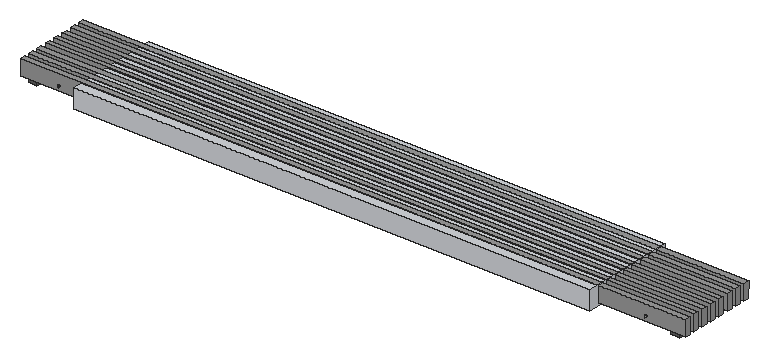
Revit family "1213-8, Solid", category Generic Models, host Face, Revit 2020
Family settings
  Host = Face
  Can host rebar = No
  Round Connector Dimension = Use Diameter
  Part Type = Normal
  Cut with Voids When Loaded = No
  Shared = No
  Room Calculation Point = No
Parameters
  min_value [instance] = 1' - 11 1/4"  # constant formula
  max_value [instance] = 11' - 11 1/4"  # constant formula
  actual_value [instance] = if(NET LENGTH < min_value, min_value, if(NET LENGTH > max_value, max_value, NET LENGTH))  # 7' - 11 1/4"
  NET LENGTH [instance] = 7' - 11 1/4"
  IMPORTANT NOTE!!!                                                                             *Backer & dowel layout is for visualization purposes only, final layout to be determined by 9Wood. [instance] = ""
  Default Elevation = 4' - 0"
  DOWEL RADIUS [instance] = 0' - 0 1/4"  # constant formula
  BACKING M MATERIAL [instance] = BLACK-BACKERS
  .. MEMBER WIDTH [instance] = 0' - 0 3/4"  # constant formula
  .. MEMBER MATERIAL [instance] = Solid Western Hemlock
  .. MEMBER DEPTH [instance] = 0' - 2 1/4"  # constant formula
  .. MEMBER COUNT [instance] = 8  # constant formula
Reference planes (in)
  plane 1 "Center (Front/Back)": y = 0
  plane 2: z = 2.726
  plane 3 "Center (Left/Right)": x = 0
Forms (in)
  Extrusion 1, solid
    sketch origin (15, -0.86619, -0.99308) x (0, 1, 0) y (-1, 0, 0)
      loop
        line (3.42869, -23.66817) -> (3.42869, 50.25) -> (-10, 50.25) -> (-10, -23.66817) -> (3.42869, -23.66817)
    from 3.71908 to 1.00111
Dimensions and locks (in)
  aligned and locked: plane 2 to Extrusion 1
Nested families (in)
  nested 1: "1200 Series" at (-44, -2, 1.87867), NET LENGTH <- "actual_value", DOWEL RADII <- "DOWEL RADIUS", .. MEMBER WIDTH <- ".. MEMBER WIDTH", .. MEMBER DEPTH <- ".. MEMBER DEPTH", .. MEMBER MATERIAL <- ".. MEMBER MATERIAL", BACKING M MATERIAL <- "BACKING M MATERIAL", .. MEMBER COUNT <- ".. MEMBER COUNT", type "1200 Series"
    with X 7' - 4", WIDTH 1' - 0 1/16", Space 0' - 0 11/16", START 0' - 0 3/8", SCRIM MATERIAL SCRIM, SCRIM 3 8' - 1", SCRIM 2 0' - 0 7/8", SCRIM 1 0' - 0 3/32", SCRIM yes, NET LENGTH 7' - 11 1/4", N 8, INSET 3 0' - 0 3/16", INSET 0' - 1", INDEX 0' - 5 5/8", END BACKER yes, DOWEL RADII 0' - 0 1/4", DOWEL COUNT 8, BACKING M WIDTH 0' - 1 1/4", BACKING M MATERIAL BLACK-BACKERS, BACKING M LENGTH 0' - 11 7/8", BACKING M DEPTH 0' - 0 1/2", .. MEMBER WIDTH 0' - 0 3/4", .. MEMBER OC TYP 0' - 1 1/2", .. MEMBER MATERIAL Solid Western Hemlock, .. MEMBER DEPTH 0' - 2 1/4", .. MEMBER COUNT 8
Definition of nested family "1200 Series"
  Parameters (values of type "1200 Series")
    X [instance] = NET LENGTH - (0' 3 5/8" * 2)  # 6' - 2"
    WIDTH [instance] = 1' - 0 1/16"
    Space [instance] = 0' - 0 11/16"  # constant formula
    START [instance] = .. MEMBER WIDTH / 2  # 0' - 0 3/8"
    SCRIM MATERIAL [instance] = none
    SCRIM 3 [instance] = NET LENGTH + (SCRIM 2 * 2)  # 6' - 11"
    SCRIM 2 [instance] = 0' - 0 7/8"
    SCRIM 1 [instance] = 0' - 0 3/32"
    SCRIM [instance] = yes
    NET LENGTH [instance] = 6' - 9 1/4"
    N [instance] = if((X - (rounddown(X / 1' 0") * 1' 0")) > 1' 0", rounddown(X / 1' 0") + 2, rounddown(X / 1' 0") + 1)  # 7
    INSET 3 [instance] = 0' - 0 3/16"
    INSET [instance] = 0' - 1"
    INDEX [instance] = (NET LENGTH - ((N - 1) * 1' 0")) / 2  # 0' - 4 5/8"
    END BACKER [instance] = yes
    Default Elevation = 0' - 0"
    DOWEL RADII [instance] = 0' - 0 1/4"
    DOWEL COUNT [instance] = N  # 7
    BACKING M WIDTH [instance] = 0' - 1 1/4"
    BACKING M MATERIAL [instance] = none
    BACKING M LENGTH [instance] = 0' - 11 7/8"
    BACKING M DEPTH [instance] = 0' - 0 1/2"
    .. MEMBER WIDTH [instance] = 0' - 0 3/4"
    .. MEMBER OC TYP [instance] = 1' 0" / .. MEMBER COUNT  # 0' - 3"
    .. MEMBER MATERIAL [instance] = none
    .. MEMBER DEPTH [instance] = 0' - 1 3/8"
    .. MEMBER COUNT [instance] = 4
  Reference planes (in)
    plane 1 "Center (Front/Back)": y = -7.5
    plane 2: z = 0
    plane 3 "Center (Left/Right)": x = 0
    plane 4: x = 1
    plane 5: x = 4.625
    plane 6: x = 81.25
    plane 7: x = 80.25
    plane 8: x = 16.625
    plane 9: y = -7.3125
    plane 10: y = -4.125
    plane 11: y = -7.125
    plane 12: y = 4.5625
    plane 13: y = -4.5
    plane 14: y = -7.59375
    plane 15: x = 82.125
    plane 16: y = 4.65625
    plane 17: x = -0.875
    plane 18: z = -1.375
    plane 19: z = -0.6875
  Lines and regions (in)
    model lines
      curve 1: line (4.375, -7.5, -0.6875) -> (4.875, -7.5, -0.6875)
    model lines, not visible
      curve 2: line (4.625, -7.5, -0.9375) -> (4.625, -7.5, -0.4375)
      curve 3: line (4.375, -7.5, -0.6875) -> (4.875, -7.5, -0.6875)
      curve 4: line (16.625, -7.5, -0.9375) -> (16.625, -7.5, -0.4375)
      curve 5: line (16.375, -7.5, -0.6875) -> (16.875, -7.5, -0.6875)
      curve 6: line (28.625, -7.5, -0.9375) -> (28.625, -7.5, -0.4375)
      curve 7: line (28.375, -7.5, -0.6875) -> (28.875, -7.5, -0.6875)
      curve 8: line (40.625, -7.5, -0.9375) -> (40.625, -7.5, -0.4375)
      curve 9: line (40.375, -7.5, -0.6875) -> (40.875, -7.5, -0.6875)
      curve 10: line (52.625, -7.5, -0.9375) -> (52.625, -7.5, -0.4375)
      curve 11: line (52.375, -7.5, -0.6875) -> (52.875, -7.5, -0.6875)
      curve 12: line (64.625, -7.5, -0.9375) -> (64.625, -7.5, -0.4375)
      curve 13: line (64.375, -7.5, -0.6875) -> (64.875, -7.5, -0.6875)
      curve 14: line (76.625, -7.5, -0.9375) -> (76.625, -7.5, -0.4375)
      curve 15: line (76.375, -7.5, -0.6875) -> (76.875, -7.5, -0.6875)
  Dimensions and locks (in)
    "NET LENGTH": plane 3 "Center (Left/Right)" to plane 6
    "INSET": plane 7 to plane 6
    "INDEX": plane 3 "Center (Left/Right)" to plane 5
    plane 5 to plane 8 = 1' - 0"
    "INSET 3": plane 1 "Center (Front/Back)" to plane 9
    equal spacing: group 1, group 2, group 3, group 4  (x3)
    "START": plane 11 to plane 1 "Center (Front/Back)"
    ".. MEMBER OC TYP": plane 10 to plane 11
    "WIDTH": plane 12 to plane 1 "Center (Front/Back)"
    "START": plane 10 to plane 13
    "SCRIM 1": plane 14 to plane 1 "Center (Front/Back)"
    "SCRIM 2": plane 6 to plane 15
    "SCRIM 1": plane 12 to plane 16
    "SCRIM 2": plane 17 to plane 3 "Center (Left/Right)"
    "INSET": plane 3 "Center (Left/Right)" to plane 4
    equal spacing: group 5, group 6, group 7, group 8, group 9, group 10, group 11  (x3)
    "Space": plane 19 to plane 18
    aligned and locked: level to plane 2
    aligned and locked: nested 1 to plane 4  (x2)
    aligned and locked: plane 7 to nested 2
    aligned and locked: plane 5 to nested 3
    aligned and locked: nested 1 to plane 9
    aligned and locked: plane 1 "Center (Front/Back)" to nested 4
    aligned and locked: plane 9 to nested 2
    aligned and locked: plane 13 to nested 5
    aligned and locked: nested 3 to plane 9
    aligned and locked: plane 18 to nested 1
    aligned and locked: plane 19 to nested 3
    aligned and locked: curve 1 to plane 19
    aligned and locked: plane 8 to curve 4
    aligned and locked: curve 5 to plane 19
    aligned and locked: nested 4 to plane 18
  Automatic sketch dimensions
    curve 1 to curve 1 = 0' - 0 1/2"
    curve 1 to plane 5 = 0' - 0 1/4"
    plane 5 to curve 1 = 0' - 0 1/4"
    curve 3 to curve 2 = 0' - 0 1/4"  (x2)
    curve 2 to curve 3 = 0' - 0 1/4"  (x2)
    curve 5 to curve 4 = 0' - 0 1/4"  (x2)
    curve 4 to curve 5 = 0' - 0 1/4"  (x2)
    curve 7 to curve 6 = 0' - 0 1/4"  (x2)
    curve 6 to curve 7 = 0' - 0 1/4"  (x2)
    curve 9 to curve 8 = 0' - 0 1/4"  (x2)
    curve 8 to curve 9 = 0' - 0 1/4"  (x2)
    curve 11 to curve 10 = 0' - 0 1/4"  (x2)
    curve 10 to curve 11 = 0' - 0 1/4"  (x2)
    curve 13 to curve 12 = 0' - 0 1/4"  (x2)
    curve 12 to curve 13 = 0' - 0 1/4"  (x2)
    curve 15 to curve 14 = 0' - 0 1/4"  (x2)
    curve 14 to curve 15 = 0' - 0 1/4"  (x2)
  Nested families (in)
    nested 1: "INSTANCE - 2ND -  EXTEND SIDE H CENTER W - Parametric Cube" at (1, -1.375, -1.375) x (0, -1, 0) z (0, 0, 1), Width <- "BACKING M LENGTH", Length <- "BACKING M WIDTH", Material <- "BACKING M MATERIAL", Height <- "BACKING M DEPTH", visible <- "END BACKER", type "INSTANCE - 2ND -  EXTEND SIDE H CENTER W - Parametric Cube"
      with Width 0' - 11 7/8", Material none, Length 0' - 1 1/4", Height 0' - 0 1/2"
    nested 2: "INSTANCE - 2ND -  EXTEND SIDE H CENTER W - Parametric Cube" at (80.25, -1.375, -1.375) x (0, -1, 0) z (0, 0, 1), Width <- "BACKING M LENGTH", Length <- "BACKING M WIDTH", Material <- "BACKING M MATERIAL", Height <- "BACKING M DEPTH", visible <- "END BACKER", type "INSTANCE - 2ND -  EXTEND SIDE H CENTER W - Parametric Cube"
      with Width 0' - 11 7/8", Material none, Length 0' - 1 1/4", Height 0' - 0 1/2"
    nested 3: "Family3" at (-5.375, -7.3125, -0.6875), DOWEL RADII <- "DOWEL RADII", BACKING MEM MATERIAL <- "BACKING M MATERIAL", type "Family3"
      with DOWEL RADII 0' - 0 1/4", DOWEL LENGTH 0' - 11 7/8", BACKING MEM MATERIAL none
    nested 4: "HOLED MEMBER" at (0, -18.75, 6.19404), DOWEL RADII <- "DOWEL RADII", .. MEMBER LENGTH <- "NET LENGTH", DOWEL COUNT <- "DOWEL COUNT", DEPTH <- ".. MEMBER DEPTH", .. MEMBER WIDTH <- ".. MEMBER WIDTH", Material <- ".. MEMBER MATERIAL", DOWEL INDEX <- "INDEX", Space 2 <- "Space", type "HOLED MEMBER"
      with Width 0' - 6", Space 2 0' - 0 11/16", Material none, Length 1' - 0", Height 0' - 10.43096", DOWEL RADII 0' - 0 1/4", DOWEL OC DIST 1' - 0", DOWEL INDEX 0' - 4 5/8", DOWEL COUNT 7, DEPTH 0' - 1 3/8", .. MEMBER WIDTH 0' - 0 3/4", .. MEMBER LENGTH 6' - 9 1/4"
    nested 5: "HOLED MEMBER" at (0, -15.75, 6.19404), DOWEL RADII <- "DOWEL RADII", .. MEMBER LENGTH <- "NET LENGTH", DOWEL COUNT <- "DOWEL COUNT", DEPTH <- ".. MEMBER DEPTH", .. MEMBER WIDTH <- ".. MEMBER WIDTH", Material <- ".. MEMBER MATERIAL", DOWEL INDEX <- "INDEX", Space 2 <- "Space", type "HOLED MEMBER"
      with Width 0' - 6", Space 2 0' - 0 11/16", Material none, Length 1' - 0", Height 0' - 10.43096", DOWEL RADII 0' - 0 1/4", DOWEL OC DIST 1' - 0", DOWEL INDEX 0' - 4 5/8", DOWEL COUNT 7, DEPTH 0' - 1 3/8", .. MEMBER WIDTH 0' - 0 3/4", .. MEMBER LENGTH 6' - 9 1/4"
    nested 6: "HOLED MEMBER" at (0, -12.75, 6.19404), DOWEL RADII <- "DOWEL RADII", .. MEMBER LENGTH <- "NET LENGTH", DOWEL COUNT <- "DOWEL COUNT", DEPTH <- ".. MEMBER DEPTH", .. MEMBER WIDTH <- ".. MEMBER WIDTH", Material <- ".. MEMBER MATERIAL", DOWEL INDEX <- "INDEX", Space 2 <- "Space", type "HOLED MEMBER"
      with Width 0' - 6", Space 2 0' - 0 11/16", Material none, Length 1' - 0", Height 0' - 10.43096", DOWEL RADII 0' - 0 1/4", DOWEL OC DIST 1' - 0", DOWEL INDEX 0' - 4 5/8", DOWEL COUNT 7, DEPTH 0' - 1 3/8", .. MEMBER WIDTH 0' - 0 3/4", .. MEMBER LENGTH 6' - 9 1/4"
    nested 7: "HOLED MEMBER" at (0, -9.75, 6.19404), DOWEL RADII <- "DOWEL RADII", .. MEMBER LENGTH <- "NET LENGTH", DOWEL COUNT <- "DOWEL COUNT", DEPTH <- ".. MEMBER DEPTH", .. MEMBER WIDTH <- ".. MEMBER WIDTH", Material <- ".. MEMBER MATERIAL", DOWEL INDEX <- "INDEX", Space 2 <- "Space", type "HOLED MEMBER"
      with Width 0' - 6", Space 2 0' - 0 11/16", Material none, Length 1' - 0", Height 0' - 10.43096", DOWEL RADII 0' - 0 1/4", DOWEL OC DIST 1' - 0", DOWEL INDEX 0' - 4 5/8", DOWEL COUNT 7, DEPTH 0' - 1 3/8", .. MEMBER WIDTH 0' - 0 3/4", .. MEMBER LENGTH 6' - 9 1/4"
    nested 8: "Family3" at (6.625, -7.3125, -0.6875), DOWEL RADII <- "DOWEL RADII", BACKING MEM MATERIAL <- "BACKING M MATERIAL", type "Family3"
      with DOWEL RADII 0' - 0 1/4", DOWEL LENGTH 0' - 11 7/8", BACKING MEM MATERIAL none
    nested 9: "Family3" at (18.625, -7.3125, -0.6875), DOWEL RADII <- "DOWEL RADII", BACKING MEM MATERIAL <- "BACKING M MATERIAL", type "Family3"
      with DOWEL RADII 0' - 0 1/4", DOWEL LENGTH 0' - 11 7/8", BACKING MEM MATERIAL none
    nested 10: "Family3" at (30.625, -7.3125, -0.6875), DOWEL RADII <- "DOWEL RADII", BACKING MEM MATERIAL <- "BACKING M MATERIAL", type "Family3"
      with DOWEL RADII 0' - 0 1/4", DOWEL LENGTH 0' - 11 7/8", BACKING MEM MATERIAL none
    nested 11: "Family3" at (42.625, -7.3125, -0.6875), DOWEL RADII <- "DOWEL RADII", BACKING MEM MATERIAL <- "BACKING M MATERIAL", type "Family3"
      with DOWEL RADII 0' - 0 1/4", DOWEL LENGTH 0' - 11 7/8", BACKING MEM MATERIAL none
    nested 12: "Family3" at (54.625, -7.3125, -0.6875), DOWEL RADII <- "DOWEL RADII", BACKING MEM MATERIAL <- "BACKING M MATERIAL", type "Family3"
      with DOWEL RADII 0' - 0 1/4", DOWEL LENGTH 0' - 11 7/8", BACKING MEM MATERIAL none
    nested 13: "Family3" at (66.625, -7.3125, -0.6875), DOWEL RADII <- "DOWEL RADII", BACKING MEM MATERIAL <- "BACKING M MATERIAL", type "Family3"
      with DOWEL RADII 0' - 0 1/4", DOWEL LENGTH 0' - 11 7/8", BACKING MEM MATERIAL none
  Definition of nested family "INSTANCE - 2ND -  EXTEND SIDE H CENTER W - Parametric Cube"
    Parameters (values of type "INSTANCE - 2ND -  EXTEND SIDE H CENTER W - Parametric Cube")
      Width [instance] = 0' - 6"
      Material [instance] = none
      Length [instance] = 1' - 0"
      Height [instance] = 1' - 6"
      Default Elevation = 0' - 0"
    Reference planes (in)
      plane 1 "Center (Front/Back)": y = 0
      plane 2: z = 0
      plane 3 "Center (Left/Right)": x = 0
      plane 4: x = -3
      plane 5: x = 3
      plane 6: y = 12
      plane 7: z = -18
    Forms (in)
      Extrusion 1, solid, material <- "Material"
        sketch origin (0, 6, 0) x (1, 0, 0) y (0, 1, 0)
          loop
            line (-3, 6) -> (-3, -6) -> (3, -6) -> (3, 6) -> (-3, 6)
        from -18 to 0
    Dimensions and locks (in)
      equal spacing: plane 4, plane 3 "Center (Left/Right)", plane 5
      "Width": plane 4 to plane 5
      "Height": plane 7 to level
      "Length": plane 1 "Center (Front/Back)" to plane 6
      aligned and locked: plane 2 to level
      aligned and locked: plane 4 to Extrusion 1 sketch curve
      aligned and locked: Extrusion 1 sketch curve to plane 5
      aligned and locked: Extrusion 1 to plane 7
      aligned and locked: plane 6 to Extrusion 1
    Automatic sketch dimensions
      plane 1 "Center (Front/Back)" to Extrusion 1 sketch curve = 0' - 0"
      plane 6 to Extrusion 1 sketch curve = 0' - 0"
  Definition of nested family "Family3"
    Parameters (values of type "Family3")
      Default Elevation = 0' - 0"
      DOWEL RADII [instance] = 0' - 0 5/8"
      DOWEL LENGTH [instance] = 0' - 5"
      BACKING MEM MATERIAL [instance] = none
    Reference planes (in)
      plane 1 "Center (Front/Back)": y = 0
      plane 2: z = 0
      plane 3 "Center (Left/Right)": x = 0
      plane 4: y = 5
    Forms (in)
      Extrusion 1, solid, material <- "BACKING MEM MATERIAL"
        sketch origin (10, 0, 0) x (1, 0, 0) y (0, 0, 1)
          loop
            circle (0, 0) r 0.625
        from 0 to -5
      Extrusion 2, solid, not visible
        sketch origin (0, 0, 0) x (1, 0, 0) y (0, 0, 1)
          loop
            circle (0, 0) r 0.625
        from 0 to 12
      Extrusion 3, solid, not visible
        sketch origin (10, 0, 0) x (1, 0, 0) y (0, 0, 1)
          loop
            circle (0, 0) r 0.625
        from 0 to 2.5
      Extrusion 4, solid, not visible
        sketch origin (10, 0, 0) x (1, 0, 0) y (0, 0, 1)
          loop
            circle (0, 0) r 0.625
        from 0 to -12
    Lines and regions (in)
      model lines, not visible
        curve 1: line (-13, 0, 0) -> (-13, -12, 0)
        curve 2: line (13, 0, 0) -> (13, -12, 0)
        curve 3: line (9.89453, 0, 0) -> (10.08794, 0, 0)
        curve 4: line (9.89453, -2.5, 0) -> (10.08794, -2.5, 0)
        curve 6: line (10, 0, 0) -> (10, 2, 0)
      model lines
        curve 5: line (10, 0, 0) -> (10, 2, 0)
    Dimensions and locks (in)
      "DOWEL LENGTH": plane 1 "Center (Front/Back)" to plane 4
      "DOWEL RADII": radius of Extrusion 1 sketch curve
      "DOWEL RADII": radius of Extrusion 2 sketch curve
      "DOWEL RADII": radius of Extrusion 3 sketch curve
      "DOWEL RADII": radius of Extrusion 4 sketch curve
      "DOWEL RADII": radius of Extrusion 1
      aligned and locked: plane 2 to level
      aligned and locked: Extrusion 1 to plane 1 "Center (Front/Back)"  (x3)
      aligned and locked: plane 1 "Center (Front/Back)" to Extrusion 1
      aligned and locked: plane 4 to Extrusion 1
    Automatic sketch dimensions
      plane 1 "Center (Front/Back)" to curve 5 = 0' - 0"
      curve 5 to plane 1 "Center (Front/Back)" = 0' - 2"
      plane 3 "Center (Left/Right)" to curve 5 = 0' - 10"
      Extrusion 1 sketch curve to level = 0' - 0"
      plane 3 "Center (Left/Right)" to Extrusion 1 sketch curve = 0' - 10"
  Definition of nested family "HOLED MEMBER"
    Parameters (values of type "HOLED MEMBER")
      Width [instance] = 0' - 6"
      Space 2 [instance] = 0' - 0 5/8"
      Space = 0' - 0 5/8"
      Material [instance] = none
      Length [instance] = 1' - 0"
      Height [instance] = 0' - 10.43096"
      Default Elevation = 0' - 0"
      DOWEL RADII [instance] = 0' - 0.34537"
      DOWEL OC DIST [instance] = 1' - 0"
      DOWEL INSET = 0' - 0 5/8"
      DOWEL INDEX [instance] = 0' - 5 5/8"
      DOWEL COUNT [instance] = 6
      DEPTH [instance] = 0' - 2"
      .. MEMBER WIDTH [instance] = 0' - 0 5/8"
      .. MEMBER LENGTH [instance] = 5' - 11 3/4"
    Reference planes (in)
      plane 1 "Center (Front/Back)": y = 12
      plane 2: z = -7.56904
      plane 3 "Center (Left/Right)": x = 0
      plane 4: x = 5.625
      plane 5: x = 17.625
      plane 6: y = 11.375
      plane 7: x = 71.75
      plane 8: z = -6.94404
      plane 9: z = -5.56904
    Forms (in)
      Extrusion 1, solid, material <- "Material"
        sketch origin (0, 12, -13.56904) x (1, 0, 0) y (0, 0, 1)
          loop
            line (0, 6) -> (71.75, 6) -> (71.75, 8) -> (0, 8) -> (0, 6)
        from 0.625 to 0
      Extrusion 2, void
        sketch origin (0, 12, -18.31904) x (1, 0, 0) y (0, 0, 1)
          loop
            circle (5.625, 11.375) r 0.34537
        from 0 to 12
      Extrusion 3, void, not visible
        sketch origin (0, 1.25, 0) x (1, 0, 0) y (0, 1, 0)
          loop
            circle (5.625, 11.375) r 0.34537
        from 0 to 12
      Extrusion 4, void, not visible
        sketch origin (0, 1.25, 0) x (1, 0, 0) y (0, 1, 0)
          loop
            circle (5.625, 11.375) r 0.34537
        from 0 to 12
      Extrusion 5, void, not visible
        sketch origin (12, 1.25, 0) x (1, 0, 0) y (0, 1, 0)
          loop
            circle (5.625, 11.375) r 0.34537
        from 0 to 12
      Extrusion 6, void, not visible
        sketch origin (0, 12, -16.31904) x (1, 0, 0) y (0, 0, 1)
          loop
            circle (5.625, 11.375) r 0.34537
        from 0 to 12
      Extrusion 7, void, not visible
        sketch origin (12, 12, -16.31904) x (1, 0, 0) y (0, 0, 1)
          loop
            circle (5.625, 11.375) r 0.34537
        from 0 to 12
      Extrusion 8, void, not visible
        sketch origin (0, 12, -18.31904) x (1, 0, 0) y (0, 0, 1)
          loop
            circle (5.625, 11.375) r 0.34537
        from 0 to 12
      Extrusion 9, void
        sketch origin (12, 12, -18.31904) x (1, 0, 0) y (0, 0, 1)
          loop
            circle (5.625, 11.375) r 0.34537
        from 0 to 12
      Extrusion 10, void, not visible
        sketch origin (24, 12, -16.31904) x (1, 0, 0) y (0, 0, 1)
          loop
            circle (5.625, 11.375) r 0.34537
        from 0 to 12
      Extrusion 11, void, not visible
        sketch origin (36, 12, -16.31904) x (1, 0, 0) y (0, 0, 1)
          loop
            circle (5.625, 11.375) r 0.34537
        from 0 to 12
      Extrusion 12, void, not visible
        sketch origin (48, 12, -16.31904) x (1, 0, 0) y (0, 0, 1)
          loop
            circle (5.625, 11.375) r 0.34537
        from 0 to 12
      Extrusion 13, void, not visible
        sketch origin (60, 12, -16.31904) x (1, 0, 0) y (0, 0, 1)
          loop
            circle (5.625, 11.375) r 0.34537
        from 0 to 12
      Extrusion 14, void, not visible
        sketch origin (24, 1.25, 0) x (1, 0, 0) y (0, 1, 0)
          loop
            circle (5.625, 11.375) r 0.34537
        from 0 to 12
      Extrusion 15, void, not visible
        sketch origin (36, 1.25, 0) x (1, 0, 0) y (0, 1, 0)
          loop
            circle (5.625, 11.375) r 0.34537
        from 0 to 12
      Extrusion 16, void, not visible
        sketch origin (48, 1.25, 0) x (1, 0, 0) y (0, 1, 0)
          loop
            circle (5.625, 11.375) r 0.34537
        from 0 to 12
      Extrusion 17, void, not visible
        sketch origin (60, 1.25, 0) x (1, 0, 0) y (0, 1, 0)
          loop
            circle (5.625, 11.375) r 0.34537
        from 0 to 12
      Extrusion 18, void
        sketch origin (24, 12, -18.31904) x (1, 0, 0) y (0, 0, 1)
          loop
            circle (5.625, 11.375) r 0.34537
        from 0 to 12
      Extrusion 19, void
        sketch origin (36, 12, -18.31904) x (1, 0, 0) y (0, 0, 1)
          loop
            circle (5.625, 11.375) r 0.34537
        from 0 to 12
      Extrusion 20, void
        sketch origin (48, 12, -18.31904) x (1, 0, 0) y (0, 0, 1)
          loop
            circle (5.625, 11.375) r 0.34537
        from 0 to 12
      Extrusion 21, void
        sketch origin (60, 12, -18.31904) x (1, 0, 0) y (0, 0, 1)
          loop
            circle (5.625, 11.375) r 0.34537
        from 0 to 12
    Cuts and joins
      Extrusion 2, Extrusion 9, Extrusion 18, Extrusion 19, Extrusion 20, Extrusion 21 cuts Extrusion 1
    Lines and regions (in)
      model lines, not visible
        curve 1: line (5.625, 11.72037, 0) -> (5.625, 11.02963, 0)
        curve 2: line (5.625, 11.72037, 0) -> (5.625, 11.02963, 0)
        curve 3: line (17.625, 11.72037, 0) -> (17.625, 11.02963, 0)
        curve 4: line (5.625, 12, -7.56904) -> (5.625, 11.87317, -7.56904)
        curve 5: line (5.625, 11.87317, -7.56904) -> (5.06195, 11.87317, -7.56904)
        curve 6: line (5.06195, 11.87317, -7.56904) -> (5.27963, 11.375, -7.56904)
        curve 7: line (0, 12, -6.19404) -> (0, 11.61951, -6.19404)
        curve 8: line (0, 11.375, -8.19404) -> (0, 11.6747, -8.19404)
        curve 9: line (5.625, 12, -7.56904) -> (5.625, 11.69863, -7.56904)
        curve 11: line (5.625, 12, 0) -> (5.625, 12, 0.30137)
        curve 12: line (5.625, 12, 0) -> (5.625, 12, 0.30137)
        curve 13: line (17.625, 12, 0) -> (17.625, 12, 0.30137)
        curve 14: line (5.625, 12, -5.56904) -> (5.625, 11.69863, -5.56904)
        curve 15: line (17.625, 12, -5.56904) -> (17.625, 11.69863, -5.56904)
        curve 16: line (5.625, 12, -7.56904) -> (5.625, 11.69863, -7.56904)
        curve 18: line (29.625, 12, -5.56904) -> (29.625, 11.69863, -5.56904)
        curve 19: line (41.625, 12, -5.56904) -> (41.625, 11.69863, -5.56904)
        curve 20: line (53.625, 12, -5.56904) -> (53.625, 11.69863, -5.56904)
        curve 21: line (65.625, 12, -5.56904) -> (65.625, 11.69863, -5.56904)
        curve 22: line (29.625, 11.72037, 0) -> (29.625, 11.02963, 0)
        curve 23: line (29.625, 12, 0) -> (29.625, 12, 0.30137)
        curve 24: line (41.625, 11.72037, 0) -> (41.625, 11.02963, 0)
        curve 25: line (41.625, 12, 0) -> (41.625, 12, 0.30137)
        curve 26: line (53.625, 11.72037, 0) -> (53.625, 11.02963, 0)
        curve 27: line (53.625, 12, 0) -> (53.625, 12, 0.30137)
        curve 28: line (65.625, 11.72037, 0) -> (65.625, 11.02963, 0)
        curve 29: line (65.625, 12, 0) -> (65.625, 12, 0.30137)
        curve 35: line (5.27963, 12.625, 0) -> (5.97037, 12.625, 0)
        curve 36: line (5.27963, 12.625, 0) -> (5.97037, 12.625, 0)
        curve 37: line (17.27963, 12.625, 0) -> (17.97037, 12.625, 0)
        curve 38: line (5.27963, 12, -4.94404) -> (5.97037, 12, -4.94404)
        curve 39: line (17.27963, 12, -4.94404) -> (17.97037, 12, -4.94404)
        curve 40: line (5.27963, 12, -6.94404) -> (5.97037, 12, -6.94404)
        curve 42: line (29.27963, 12, -4.94404) -> (29.97037, 12, -4.94404)
        curve 43: line (41.27963, 12, -4.94404) -> (41.97037, 12, -4.94404)
        curve 44: line (53.27963, 12, -4.94404) -> (53.97037, 12, -4.94404)
        curve 45: line (65.27963, 12, -4.94404) -> (65.97037, 12, -4.94404)
        curve 46: line (29.27963, 12.625, 0) -> (29.97037, 12.625, 0)
        curve 47: line (41.27963, 12.625, 0) -> (41.97037, 12.625, 0)
        curve 48: line (53.27963, 12.625, 0) -> (53.97037, 12.625, 0)
        curve 49: line (65.27963, 12.625, 0) -> (65.97037, 12.625, 0)
        curve 54: line (0, 12, -6.94404) -> (0, 4.22059, -6.94404)
        curve 55: line (0, 12.625, 0) -> (0, 12.625, 7.77941)
        curve 56: line (0, 12.625, 0) -> (0, 12.625, 7.77941)
        curve 57: line (12, 12.625, 0) -> (12, 12.625, 7.77941)
        curve 58: line (0, 12, -4.94404) -> (0, 4.22059, -4.94404)
        curve 59: line (12, 12, -4.94404) -> (12, 4.22059, -4.94404)
        curve 60: line (0, 12, -6.94404) -> (0, 4.22059, -6.94404)
        curve 61: line (12, 12, -6.94404) -> (12, 4.22059, -6.94404)
        curve 62: line (24, 12, -4.94404) -> (24, 4.22059, -4.94404)
        curve 63: line (36, 12, -4.94404) -> (36, 4.22059, -4.94404)
        curve 64: line (48, 12, -4.94404) -> (48, 4.22059, -4.94404)
        curve 65: line (60, 12, -4.94404) -> (60, 4.22059, -4.94404)
        curve 66: line (24, 12.625, 0) -> (24, 12.625, 7.77941)
        curve 67: line (36, 12.625, 0) -> (36, 12.625, 7.77941)
        curve 68: line (48, 12.625, 0) -> (48, 12.625, 7.77941)
        curve 69: line (60, 12.625, 0) -> (60, 12.625, 7.77941)
        curve 70: line (24, 12, -6.94404) -> (24, 4.22059, -6.94404)
        curve 71: line (36, 12, -6.94404) -> (36, 4.22059, -6.94404)
        curve 72: line (48, 12, -6.94404) -> (48, 4.22059, -6.94404)
        curve 73: line (60, 12, -6.94404) -> (60, 4.22059, -6.94404)
      model lines
        curve 10: line (5.625, 12, -7.56904) -> (5.625, 11.69863, -7.56904)
        curve 17: line (17.625, 12, -7.56904) -> (17.625, 11.69863, -7.56904)
        curve 30: line (29.625, 12, -7.56904) -> (29.625, 11.69863, -7.56904)
        curve 31: line (41.625, 12, -7.56904) -> (41.625, 11.69863, -7.56904)
        curve 32: line (53.625, 12, -7.56904) -> (53.625, 11.69863, -7.56904)
        curve 33: line (65.625, 12, -7.56904) -> (65.625, 11.69863, -7.56904)
        curve 34: line (5.27963, 12, -6.94404) -> (5.97037, 12, -6.94404)
        curve 41: line (17.27963, 12, -6.94404) -> (17.97037, 12, -6.94404)
        curve 50: line (29.27963, 12, -6.94404) -> (29.97037, 12, -6.94404)
        curve 51: line (41.27963, 12, -6.94404) -> (41.97037, 12, -6.94404)
        curve 52: line (53.27963, 12, -6.94404) -> (53.97037, 12, -6.94404)
        curve 53: line (65.27963, 12, -6.94404) -> (65.97037, 12, -6.94404)
    Dimensions and locks (in)
      "DOWEL INDEX": plane 3 "Center (Left/Right)" to plane 4
      "DOWEL OC DIST": plane 4 to plane 5
      ".. MEMBER LENGTH": plane 3 "Center (Left/Right)" to plane 7
      equal spacing: group 3, group 4, group 17, group 18, group 19, group 20  (x3)
      equal spacing: group 7, group 8, group 13, group 14, group 15, group 16  (x3)
      equal spacing: group 1, group 12, group 21, group 22, group 23, group 24  (x3)
      ".. MEMBER WIDTH": plane 6 to plane 1 "Center (Front/Back)"
      "DEPTH": plane 9 to level
      "Space 2": plane 8 to level
      "DOWEL RADII": radius of Extrusion 2 sketch curve
      "DOWEL RADII": radius of Extrusion 3 sketch curve
      "DOWEL RADII": radius of Extrusion 4 sketch curve
      "DOWEL RADII": radius of Extrusion 5 sketch curve
      "DOWEL RADII": radius of Extrusion 6 sketch curve
      "DOWEL RADII": radius of Extrusion 7 sketch curve
      "DOWEL RADII": radius of Extrusion 8 sketch curve
      "DOWEL RADII": radius of Extrusion 9 sketch curve
      "DOWEL RADII": radius of Extrusion 10 sketch curve
      "DOWEL RADII": radius of Extrusion 11 sketch curve
      "DOWEL RADII": radius of Extrusion 12 sketch curve
      "DOWEL RADII": radius of Extrusion 13 sketch curve
      "DOWEL RADII": radius of Extrusion 14 sketch curve
      "DOWEL RADII": radius of Extrusion 15 sketch curve
      "DOWEL RADII": radius of Extrusion 16 sketch curve
      "DOWEL RADII": radius of Extrusion 17 sketch curve
      "DOWEL RADII": radius of Extrusion 18 sketch curve
      "DOWEL RADII": radius of Extrusion 19 sketch curve
      "DOWEL RADII": radius of Extrusion 20 sketch curve
      "DOWEL RADII": radius of Extrusion 21 sketch curve
      aligned and locked: level to plane 2
      aligned and locked: Extrusion 1 to plane 3 "Center (Left/Right)"  (x2)
      aligned and locked: plane 7 to cut or joined group of Extrusion 1, Extrusion 2, Extrusion 9, Extrusion 18, Extrusion 19, Extrusion 20, Extrusion 21  (x2)
      aligned and locked: cut or joined group of Extrusion 1, Extrusion 2, Extrusion 9, Extrusion 18, Extrusion 19, Extrusion 20, Extrusion 21 to plane 1 "Center (Front/Back)"  (x2)
      aligned and locked: cut or joined group of Extrusion 1, Extrusion 2, Extrusion 9, Extrusion 18, Extrusion 19, Extrusion 20, Extrusion 21 to plane 6  (x2)
      aligned and locked: plane 4 to curve 10
      aligned and locked: plane 5 to curve 17
      aligned and locked: plane 9 to cut or joined group of Extrusion 1, Extrusion 2, Extrusion 9, Extrusion 18, Extrusion 19, Extrusion 20, Extrusion 21  (x2)
      aligned and locked: cut or joined group of Extrusion 1, Extrusion 2, Extrusion 9, Extrusion 18, Extrusion 19, Extrusion 20, Extrusion 21 to level
      aligned and locked: plane 8 to Extrusion 2
      aligned and locked: curve 34 to plane 8
      aligned and locked: curve 41 to plane 8
      aligned and locked: level to curve 10
      aligned and locked: curve 10 to level
      aligned and locked: plane 8 to cut or joined group of Extrusion 1, Extrusion 2, Extrusion 9, Extrusion 18, Extrusion 19, Extrusion 20, Extrusion 21
      aligned and locked: curve 54 to plane 8
    Automatic sketch dimensions
      curve 1 to curve 1 = 0' - 0.69074"
      curve 2 to curve 2 = 0' - 0.69074"
      curve 3 to curve 3 = 0' - 0.69074"
      Extrusion 1 sketch curve to plane 3 "Center (Left/Right)" = 0' - 0"
      Extrusion 1 sketch curve to plane 7 = 0' - 0"
      Extrusion 1 sketch curve to Extrusion 1 sketch curve = 0' - 2"
      level to Extrusion 1 sketch curve = 0' - 0"
      curve 9 to curve 9 = 0' - 0.30137"
      curve 10 to curve 10 = 0' - 0.30137"
      curve 11 to curve 11 = 0' - 0.30137"
      curve 12 to curve 12 = 0' - 0.30137"
      curve 13 to curve 13 = 0' - 0.30137"
      curve 14 to curve 14 = 0' - 0.30137"
      curve 15 to curve 15 = 0' - 0.30137"
      curve 16 to curve 16 = 0' - 0.30137"
      curve 17 to curve 17 = 0' - 0.30137"
      curve 18 to curve 18 = 0' - 0.30137"
      curve 19 to curve 19 = 0' - 0.30137"
      curve 20 to curve 20 = 0' - 0.30137"
      curve 21 to curve 21 = 0' - 0.30137"
      curve 22 to curve 22 = 0' - 0.69074"
      curve 23 to curve 23 = 0' - 0.30137"
      curve 24 to curve 24 = 0' - 0.69074"
      curve 25 to curve 25 = 0' - 0.30137"
      curve 26 to curve 26 = 0' - 0.69074"
      curve 27 to curve 27 = 0' - 0.30137"
      curve 28 to curve 28 = 0' - 0.69074"
      curve 29 to curve 29 = 0' - 0.30137"
      curve 30 to curve 30 = 0' - 0.30137"
      curve 31 to curve 31 = 0' - 0.30137"
      curve 32 to curve 32 = 0' - 0.30137"
      curve 33 to curve 33 = 0' - 0.30137"
      curve 34 to curve 34 = 0' - 0.69074"
      curve 35 to curve 35 = 0' - 0.69074"
      curve 36 to curve 36 = 0' - 0.69074"
      curve 37 to curve 37 = 0' - 0.69074"
      curve 38 to curve 38 = 0' - 0.69074"
      curve 39 to curve 39 = 0' - 0.69074"
      curve 40 to curve 40 = 0' - 0.69074"
      curve 41 to curve 41 = 0' - 0.69074"
      curve 42 to curve 42 = 0' - 0.69074"
      curve 43 to curve 43 = 0' - 0.69074"
      curve 44 to curve 44 = 0' - 0.69074"
      curve 45 to curve 45 = 0' - 0.69074"
      curve 46 to curve 46 = 0' - 0.69074"
      curve 47 to curve 47 = 0' - 0.69074"
      curve 48 to curve 48 = 0' - 0.69074"
      curve 49 to curve 49 = 0' - 0.69074"
      curve 50 to curve 50 = 0' - 0.69074"
      curve 51 to curve 51 = 0' - 0.69074"
      curve 52 to curve 52 = 0' - 0.69074"
      curve 53 to curve 53 = 0' - 0.69074"
      curve 54 to curve 54 = 0' - 7.77941"
      curve 55 to curve 55 = 0' - 7.77941"
      curve 56 to curve 56 = 0' - 7.77941"
      curve 57 to curve 57 = 0' - 7.77941"
      curve 58 to curve 58 = 0' - 7.77941"
      curve 59 to curve 59 = 0' - 7.77941"
      curve 60 to curve 60 = 0' - 7.77941"
      curve 61 to curve 61 = 0' - 7.77941"
      curve 62 to curve 62 = 0' - 7.77941"
      curve 63 to curve 63 = 0' - 7.77941"
      curve 64 to curve 64 = 0' - 7.77941"
      curve 65 to curve 65 = 0' - 7.77941"
      curve 66 to curve 66 = 0' - 7.77941"
      curve 67 to curve 67 = 0' - 7.77941"
      curve 68 to curve 68 = 0' - 7.77941"
      curve 69 to curve 69 = 0' - 7.77941"
      curve 70 to curve 70 = 0' - 7.77941"
      curve 71 to curve 71 = 0' - 7.77941"
      curve 72 to curve 72 = 0' - 7.77941"
      curve 73 to curve 73 = 0' - 7.77941"
